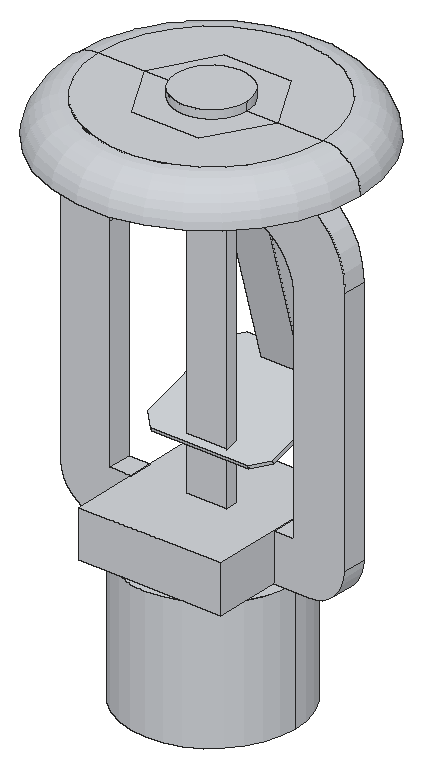
Revit family
Parameters (values of type "RASCO GFR UPRIGHT")
  Temperature Rating = 165 °F
  Response = 1
  RASCO SIN # = "R3125"
  RASCO Part # = "GFRUC"
  Pressure Rating = "175 PSI"
  Pressure Class = (empty or 0)
  Orifice Size = 1/2"
  Orifice = (empty or 0)
  Model = "GFR"
  Manufacturer = "RASCO"
  K-Factor = 8
  Description = "Chrome Finish"
  Coverage = (empty or 0)
Reference planes (in)
  plane 1 "Center (Front/Back)": y = 0
  plane 2: z = 0
  plane 3 "Center (Left/Right)": x = 0
Dimensions and locks (in)
  aligned and locked: plane 2 to level
Nested families (in)
  nested 1: "GFRUC" at (0, 0, 0), type "RASCO GFR UPRIGHT"
Connectors (in)
  piping at (0, 0, 0)
    settings: on nested 1, index 1, connector radius 0.45", flow factor 0, pipe flow 0 GPM, pressure drop 0.00 psi, fitting loss kfactor 0, connector angle 0.00°, fixture units 0, flow configuration 0, flow direction 0, fitting loss method 0, system type 7, connector reference index -1, connector utility 0, adjustable connector no, is connector primary yes, fitting loss table "", connector description ""
Definition of nested family "GFRUC"
  Parameters (values of type "RASCO GFR UPRIGHT")
    Type Comments = ""
    Temperature Rating = 0 °F
    Response = (empty or 0)
    Pressure Rating = "0"
    Pressure Class = (empty or 0)
    Orifice Size = 0"
    Orifice = (empty or 0)
    Model = ""
    Manufacturer = ""
    K-Factor = 0
    Description = ""
    Coverage = (empty or 0)
    Assembly Code = ""
  Reference planes (in)
    plane 1 "Center (Front/Back)": y = 0
    plane 2: z = 0
    plane 3 "ref.2": z = 0.6875
    plane 4 "ref.3": z = 0.9375
    plane 5: x = -0.38065
    plane 6: x = 0.36935
    plane 7 "ref. side 1": y = 0.06402
    plane 8 "ref. side 2": y = -0.06098
    plane 9 "ref.4": z = 1.875
    plane 10 "ref.5": z = 2.875
    plane 11 "center": x = -0.00574
    plane 12 "clip": through (0, 0.52703, 1.36085) normal (0, 0.2756, -0.9613)
  Forms (in)
    Extrusion 1, solid
      sketch origin (0, 0, 0) x (1, 0, 0) y (0, 1, 0)
        loop
          circle (0, 0) r 0.438
      from 0 to 0.6875
    Extrusion 2, solid
      sketch origin (-0.12185, 0.05177, 0.6875) x (1, 0, 0) y (0, 1, 0)
        loop
          line (-0.2588, 0.356) -> (-0.2588, -0.4565) -> (0.4912, -0.4565) -> (0.4912, 0.356) -> (-0.2588, 0.356)
      from 0 to 0.25
    Extrusion 3, solid
      sketch origin (0, 0, 0) x (1, 0, 0) y (0, 0, 1)
        loop
          line (-0.49248, 0.9375) -> (-0.49248, 2.10276)
          arc (-0.49248, 2.10276) -> (-0.40724, 2.30855) -> (-0.20145, 2.39379) r 0.29103
          line (-0.20145, 2.39379) -> (0.18108, 2.39379)
          arc (0.18108, 2.39379) -> (0.38905, 2.30765) -> (0.47519, 2.09969) r 0.29411
          line (0.47519, 2.09969) -> (0.47519, 0.9375) -> (0.36935, 0.9375) -> (0.36935, 0.6875) -> (0.55741, 0.6875)
          arc (0.55741, 0.6875) -> (0.69165, 0.7431) -> (0.74725, 0.87734) r 0.18984
          line (0.74725, 0.87734) -> (0.74725, 2.19113)
          arc (0.74725, 2.19113) -> (0.61669, 2.50631) -> (0.3015, 2.63687) r 0.44574
          line (0.3015, 2.63687) -> (-0.30719, 2.63687)
          arc (-0.30719, 2.63687) -> (-0.62225, 2.50637) -> (-0.75275, 2.19131) r 0.44556
          line (-0.75275, 2.19131) -> (-0.75275, 0.87876)
          arc (-0.75275, 0.87876) -> (-0.69673, 0.74352) -> (-0.56149, 0.6875) r 0.19126
          line (-0.56149, 0.6875) -> (-0.38065, 0.6875) -> (-0.38065, 0.9375) -> (-0.49248, 0.9375)
      from -0.06402 to 0.06098
    Extrusion 4, solid
      sketch origin (-0.00199, 0, 2.4375) x (-1, 0, 0) y (0, -1, 0)
        loop
          circle (0.00574, -0.00152) r 0.1875
      from -0.04371 to 0.4375
    Revolve 5, solid
      sketch origin (-0.0011, 0, 0.30638) x (1, 0, 0) y (0, 0, 1)
        loop
          line (-0.19255, 2.33367) -> (-0.19255, 2.52696) -> (-0.35809, 2.52696) -> (-0.59714, 2.52696)
          arc (-0.59714, 2.52696) -> (-0.73508, 2.47056) -> (-0.79397, 2.33367) r 0.19686
          line (-0.79397, 2.33367) -> (-0.19255, 2.33367)
        axis (-0.00574, 2.33367) -> (-0.00574, 2.52696)
      angle from 0 to 360
    Extrusion 6, solid
      sketch origin (0, 0, 0.9375) x (-1, 0, 0) y (0, -1, 0)
        loop
          line (-0.10175, -0.02852) -> (0.11324, -0.02852) -> (0.11324, 0.03101) -> (-0.10175, 0.03101) -> (-0.10175, -0.02852)
      from 0 to 1.45629
    Extrusion 7, solid
      sketch origin (-0.00574, 0, 0) x (0, 0, -1) y (0, -1, 0)
        loop
          line (-2.34418, 0.08154) -> (-2.34418, -0.18975)
          arc (-2.34418, -0.18975) -> (-2.3294, -0.23392) -> (-2.29102, -0.2603) r 0.07339
          line (-2.29102, -0.2603) -> (-1.29471, -0.54599) -> (-1.27823, -0.48852) -> (-2.23088, -0.21535)
          arc (-2.23088, -0.21535) -> (-2.26901, -0.18915) -> (-2.28369, -0.14527) r 0.07291
          line (-2.28369, -0.14527) -> (-2.28369, 0.08154) -> (-2.34418, 0.08154)
      from -0.1075 to 0.1075
    Extrusion 8, solid
      sketch origin (0, -0.32053, 1.11781) x (0, 0.961262, 0.275637) y (1, 0, 0)
        loop
          line (0.84059, -0.34079) -> (0.916, -0.26539) -> (0.916, 0.24563) -> (0.84145, 0.32018) -> (0.33718, 0.32018) -> (0.26218, 0.24518) -> (0.26218, -0.26617) -> (0.3368, -0.34079) -> (0.84059, -0.34079)
      from -0.01906 to 0
  Cuts and joins
    joined: Extrusion 1, Extrusion 2, Revolve 5
  Dimensions and locks (in)
    Revolve 5 sketch curve to Revolve 5 sketch curve = 0.78823"
